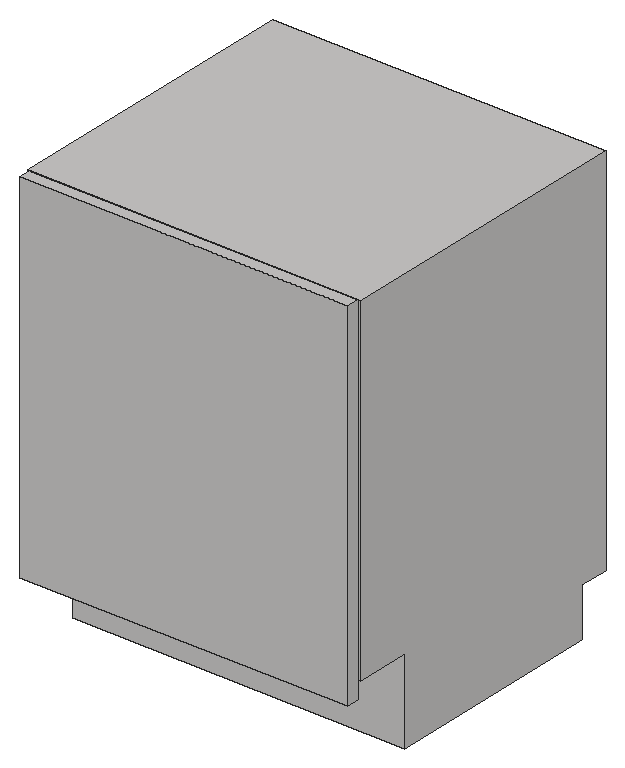
Revit family "DF480700F", category Generic Models, Revit 2015
Parameters (values of type "DF480700F")
  Width = 598 mm
  URL = "http://www.gaggenau.com."
  Model = "DF480700F"
  Manufacturer = "Gaggenau"
  Height = 765 mm
  Fridge = Metal Panel
  Door = Metal Panel
  Description = "Gaggenau Dishwasher 400 series fully integrated with flexible hinge Euro tub, appliance height 32 ³⁄₁₆\""
  Depth = 550 mm
Reference planes
  plane 1 "Center (Front/Back)": y = 0
  plane 2: z = 0
  plane 3 "Center (Left/Right)": x = 0
  plane 4: x = -299
  plane 5: x = 299
  plane 6: z = 765
  plane 7: z = 152
  plane 8: z = 89
  plane 9: z = 20
  plane 10: y = 275
  plane 11: y = -275
  plane 12: y = -297
Forms (mm)
  Extrusion 1, solid, material "Metal Panel" <- "Fridge"
    sketch origin (0, 0, 0) x (0, 1, 0) y (0, 0, 1)
      loop
        line (275, 89) -> (275, 765) -> (-275, 765) -> (-275, 152) -> (-175, 152) -> (-175, 0) -> (222, 0) -> (222, 89) -> (275, 89)
    from -299 to 299
  Extrusion 2, solid, material "Metal Panel" <- "Door"
    sketch origin (0, 0, 0) x (0, 1, 0) y (0, 0, 1)
      loop
        line (-297, 765) -> (-297, 120) -> (-275, 120) -> (-275, 765) -> (-297, 765)
    from -295.471 to 293.529
Dimensions and locks
  "Width": plane 4 to plane 5
  equal spacing: plane 4, plane 3 "Center (Left/Right)", plane 5
  "Height": plane 6 to level
  plane 7 to plane 2 = 152 mm
  plane 6 to plane 7 = 613 mm
  equal spacing: plane 10, plane 1 "Center (Front/Back)", plane 11
  "Depth": plane 10 to plane 11
  plane 10 to plane 11 = 550 mm
  aligned and locked: level to plane 2
  aligned and locked: plane 6 to Extrusion 2
Automatic sketch dimensions
  Extrusion 1 sketch curve to plane 6 = 0 mm
  Extrusion 1 sketch curve to plane 7 = 0 mm
  Extrusion 1 sketch curve to level = 0 mm
  Extrusion 1 sketch curve to plane 8 = 0 mm
  Extrusion 1 sketch curve to plane 10 = 0 mm
  Extrusion 1 sketch curve to plane 10 = 53 mm
  plane 11 to Extrusion 1 sketch curve = 0 mm
  Extrusion 2 sketch curve to plane 7 = 32 mm
  Extrusion 2 sketch curve to plane 11 = 22 mm
  plane 11 to Extrusion 2 sketch curve = 0 mm
  Extrusion 2 sketch curve to plane 6 = 0 mm
  plane 11 to Extrusion 1 sketch curve = 100 mm
